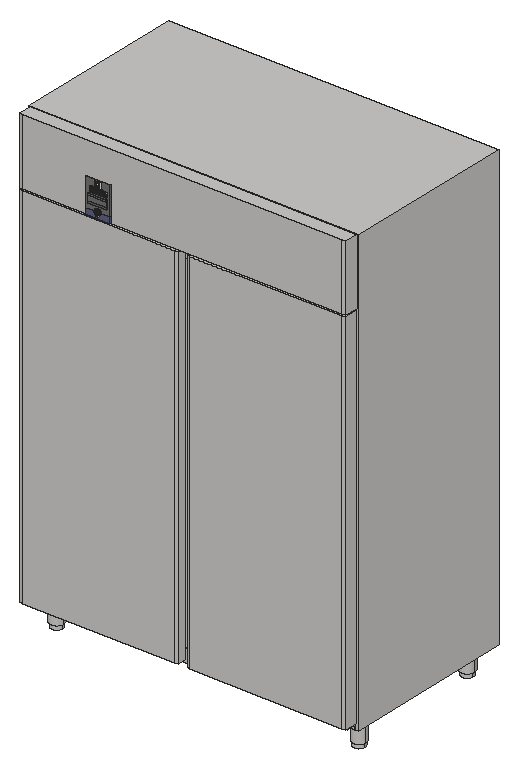
Revit family "QF_ELECTROLUXPROFESSIONAL_725244_REX142FRRCO2", category Specialty Equipment, Revit 2018
Family settings
  Round Connector Dimension = Use Diameter
  Part Type = Normal
  Work Plane-Based = No
  Always vertical = Yes
  Cut with Voids When Loaded = No
  Shared = No
  Room Calculation Point = No
Parameters (values of type "Standard")
  Weight = 165.00 kg
  Watts = 0 W
  Volts = 220 V
  URL Manufacturer = "http://professional.electrolux.com"
  URL = "http://professional.electrolux.com"
  Steam Supply Size = 0 mm
  Steam Supply Minimum Pressure = 0.0 Pa
  Steam Supply Maximum Pressure = 0.0 Pa
  Steam Pounds per Hour = 0
  Refrigeration Suction Line Size = 0.031 mm
  Refrigeration Liquid Line Size = 0.02 mm
  Refrigerant Compressor Remote = yes
  Manufacturer = "Electrolux Professional"
  Phase = 1
  Model = "REX142FRRCO2"
  Length Actual = 1441 mm  # constant formula
  Item Number = "725244"
  Hot Water Size = 0 mm
  Height Actual = 2050 mm  # constant formula
  HP = "0.2 HP"
  Gas Size = 0 mm
  Gas KW = 0
  Gas Input Pressure = 0 W
  Direct Waste Size = 0 mm
  Description = "2-DOOR REFRIG 1430L -2/+10°C, DIGIT, REM, CO2 W/VALVE"
  Depth Actual = 835 mm  # constant formula
  Cycle = 60 Hz
  Condensate Return Size = 0 mm
  Compressed Air Volume = 0.0 L/s
  Compressed Air Size = 0 mm
  Compressed Air Pressure = 0.0 Pa
  Cold Water Size = 0 mm
  Accessory = yes
Reference planes
  plane 1 "Center (Front/Back)": y = 0
  plane 2: z = 0
  plane 3 "Center (Left/Right)": x = 0
  plane 4 "BASE": z = 110
  plane 5 "TOP": z = 2050
  plane 6 "FRONT": y = -417.5
  plane 7 "BACK": y = 417.5
  plane 8 "LEFT": x = -720.5
  plane 9 "RIGHT": x = 720.5
  plane 10 "RO_Y": x = -245
  plane 11 "RO_X": y = -166.5
  plane 12 "RI_Y": x = -206
  plane 13 "RI_X": y = -187.5
  plane 14: z = 1802
Forms (mm)
  Extrusion 1, solid, material "QF_Finishes_Stainless Steel"
    sketch origin (0, 0, 0) x (1, 0, 0) y (0, 1, 0)
      loop
        circle (-643.5, 344.5) r 25
      loop
        circle (643.5, 344.5) r 25
      loop
        circle (-660.5, -269.5) r 25
      loop
        circle (660.5, -269.5) r 25
      loop
        circle (0, -121) r 25
    from 0 to 20
  Extrusion 2, solid, material "QF_Finishes_Stainless Steel"
    sketch origin (0, 0, 0) x (1, 0, 0) y (0, 1, 0)
      loop
        circle (-643.5, 344.5) r 30
      loop
        circle (643.5, 344.5) r 30
      loop
        circle (660.5, -269.5) r 30
      loop
        circle (-660.5, -269.5) r 30
      loop
        circle (0, -121) r 30
    from 20 to 110
  Extrusion 3, solid, material "QF_Finishes_Stainless Steel"
    sketch origin (0, 0, 110) x (-1, 0, 0) y (0, -1, 0)
      loop
        line (720.5, -417.5) -> (720.5, 345.5) -> (-720.5, 345.5) -> (-720.5, -417.5) -> (720.5, -417.5)
    from 0 to 1940
  Extrusion 4, solid
    sketch origin (0, 417.5, 1685) x (-1, 0, 0) y (0, 0, 1)
      loop
        circle (704.5, 124) r 10
    from 0 to 3.2
  Extrusion 5, solid, material "QF_Door-Drawer Clearances", detail levels coarse
    sketch origin (0, 0, 110) x (-1, 0, 0) y (0, -1, 0)
      loop
        line (-712.5, 409.5) -> (-648.5, 409.5) -> (-648.5, 1006.5) -> (-666.5, 1006.5) -> (-666.5, 1024.5) -> (-688.5, 1024.5) -> (-688.5, 1062.5) -> (-712.5, 1062.5) -> (-712.5, 409.5)
    from 1642.965 to 28
  Extrusion 6, solid, material "QF_Door-Drawer Clearances", detail levels coarse
    sketch origin (0, 0, 110) x (-1, 0, 0) y (0, -1, 0)
      loop
        line (-648.5, 409.5) -> (0, 409.5)
        arc (0, 409.5) -> (-211.9, 875.546) -> (-688.5, 1062.5) r 681.392
        line (-688.5, 1062.5) -> (-688.5, 1024.5) -> (-666.5, 1024.5) -> (-666.5, 1006.5) -> (-648.5, 1006.5) -> (-648.5, 409.5)
    from 1642.965 to 28
  Extrusion 7, solid, material "QF_Clearances", detail levels coarse
    sketch origin (0, 0, 110) x (-1, 0, 0) y (0, -1, 0)
      loop
        line (720.5, 417.5) -> (720.5, -417.5) -> (-720.5, -417.5) -> (-720.5, 417.5) -> (-740.5, 417.5) -> (-740.5, -447.5) -> (740.5, -447.5) -> (740.5, 417.5) -> (720.5, 417.5)
    from -110 to 1940
  Extrusion 8, solid, material "QF_Clearances", detail levels coarse
    sketch origin (0, 0, 2050) x (-1, 0, 0) y (0, -1, 0)
      loop
        line (740.5, -447.5) -> (740.5, 417.5) -> (-740.5, 417.5) -> (-740.5, -447.5) -> (740.5, -447.5)
    from 0 to 500
  Extrusion 9, void
    sketch origin (0, 417.5, 0) x (-1, 0, 0) y (0, 0, 1)
      loop
        line (645.5, 1724) -> (430, 1724) -> (430, 1695) -> (-430, 1695) -> (-430, 1724) -> (-645.5, 1724) -> (-645.5, 180) -> (-322.75, 170.906) -> (0, 180) -> (322.75, 170.906) -> (645.5, 180) -> (645.5, 1724)
    from -56 to -763
  Extrusion 10, solid, material "QF_Door-Drawer Clearances", detail levels coarse
    sketch origin (0, 0, 110) x (1, 0, 0) y (0, 1, 0)
      loop
        line (-712.5, -409.5) -> (-712.5, -1062.5) -> (-688.5, -1062.5) -> (-688.5, -1024.5) -> (-666.5, -1024.5) -> (-666.5, -1006.5) -> (-648.5, -1006.5) -> (-648.5, -409.5) -> (-712.5, -409.5)
    from 1642.965 to 28
  Extrusion 11, solid, material "QF_Door-Drawer Clearances", detail levels coarse
    sketch origin (0, 0, 110) x (1, 0, 0) y (0, 1, 0)
      loop
        line (-648.5, -409.5) -> (-648.5, -1006.5) -> (-666.5, -1006.5) -> (-666.5, -1024.5) -> (-688.5, -1024.5) -> (-688.5, -1062.5)
        arc (-688.5, -1062.5) -> (-211.9, -875.546) -> (0, -409.5) r 681.392
        line (0, -409.5) -> (-648.5, -409.5)
    from 1642.965 to 28
  Extrusion 12, solid, material "QF_Finishes_Stainless Steel"
    sketch origin (0, 417.5, 0) x (-1, 0, 0) y (0, 0, 1)
      loop
        line (40, 170.62) -> (40, 1695) -> (-40, 1695) -> (-40, 170.62) -> (0, 170) -> (40, 170.62)
    from -723 to -763
  Extrusion 13, solid, material "QF_Finishes_Stainless Steel"
    sketch origin (0, 0, 110) x (-1, 0, 0) y (0, -1, 0)
      loop
        circle (322.75, 254.5) r 7.938
      loop
        circle (-322.75, 254.5) r 7.938
    from 0 to -10
  Extrusion 14, solid, material "QF_Finishes_Stainless Steel"
    sketch origin (0, 0, 2050) x (-1, 0, 0) y (0, -1, 0)
      loop
        circle (245, 166.5) r 4.75
    from -29 to -137.696
  Extrusion 15, solid, material "QF_Finishes_Stainless Steel"
    sketch origin (0, 0, 0) x (0, 1, 0) y (0, 0, 1)
      loop
        circle (-187.5, 1855) r 3
    from -141.13 to -206
Cuts and joins
  joined: Extrusion 7, Extrusion 8
  Extrusion 9 cuts Extrusion 3
Lines and regions (mm)
  symbolic lines, style "SpecialityEquipmentHiddenLines"
    curve 1: line (712.5, -409.5, 110) -> (712.5, -1062.5, 110)
    curve 2: line (712.5, -1062.5, 110) -> (688.5, -1062.5, 110)
    curve 3: line (648.5, -409.5, 110) -> (648.5, -1006.5, 110)
    curve 4: line (688.5, -1062.5, 110) -> (688.5, -1024.5, 110)
    curve 5: line (688.5, -1024.5, 110) -> (666.5, -1024.5, 110)
    curve 6: line (666.5, -1024.5, 110) -> (666.5, -1006.5, 110)
    curve 7: line (666.5, -1006.5, 110) -> (648.5, -1006.5, 110)
    curve 13: arc (0, -409.5, 110) -> (211.9, -875.546, 110) -> (688.5, -1062.5, 110) r 681.392
    curve 14: line (-712.5, -1062.5, 110) -> (-688.5, -1062.5, 110)
    curve 15: line (-648.5, -409.5, 110) -> (-648.5, -1006.5, 110)
    curve 16: line (-688.5, -1062.5, 110) -> (-688.5, -1024.5, 110)
    curve 17: line (-688.5, -1024.5, 110) -> (-666.5, -1024.5, 110)
    curve 18: line (-666.5, -1024.5, 110) -> (-666.5, -1006.5, 110)
    curve 19: line (-666.5, -1006.5, 110) -> (-648.5, -1006.5, 110)
    curve 20: arc (0, -409.5, 110) -> (-211.9, -875.546, 110) -> (-688.5, -1062.5, 110) r 681.392
    curve 21: line (-712.5, -409.5, 110) -> (-712.5, -1062.5, 110)
  symbolic lines, style "QF_Clearances", detail levels coarse
    curve 8: line (-720.5, -417.5, 2050) -> (-740.5, -417.5, 2050)
    curve 9: line (-740.5, -417.5, 2050) -> (-740.5, 447.5, 2050)
    curve 10: line (-740.5, 447.5, 2050) -> (740.5, 447.5, 2050)
    curve 11: line (740.5, 447.5, 2050) -> (740.5, -417.5, 2050)
    curve 12: line (740.5, -417.5, 2050) -> (720.5, -417.5, 2050)
  symbolic lines
    curve 22: line (720.5, 417.5, 110) -> (-720.5, 417.5, 110)
    curve 23: line (720.5, -345.5, 110) -> (720.5, 417.5, 110)
    curve 24: line (-720.5, -345.5, 110) -> (720.5, -345.5, 110)
    curve 25: line (-720.5, 417.5, 110) -> (-720.5, -345.5, 110)
Dimensions and locks
  equal spacing: plane 7 "BACK", plane 1 "Center (Front/Back)", plane 6 "FRONT"
  equal spacing: plane 8 "LEFT", plane 3 "Center (Left/Right)", plane 9 "RIGHT"
  plane 8 "LEFT" to plane 9 "RIGHT" = 1441 mm
  plane 7 "BACK" to plane 6 "FRONT" = 835 mm
  plane 5 "TOP" to plane 2 = 2050 mm
  plane 8 "LEFT" to plane 10 "RO_Y" = 475.5 mm
  plane 7 "BACK" to plane 11 "RO_X" = 584 mm
  plane 7 "BACK" to plane 13 "RI_X" = 605 mm
  plane 5 "TOP" to plane 14 = 248 mm
  Extrusion 14 to plane 14 = 219 mm
  Extrusion 15 to plane 14 = 53 mm
  aligned and locked: level to plane 2
Automatic sketch dimensions
  curve 12 to plane 6 "FRONT" = 0 mm
  curve 12 to plane 9 "RIGHT" = 0 mm
  curve 8 to plane 6 "FRONT" = 0 mm
  curve 8 to plane 8 "LEFT" = 0 mm
  curve 10 to plane 9 "RIGHT" = 20 mm
  curve 8 to curve 9 = 20 mm
  plane 7 "BACK" to curve 10 = 30 mm
  Extrusion 1 sketch curve to plane 3 "Center (Left/Right)" = 0 mm
  plane 8 "LEFT" to Extrusion 1 sketch curve = 77 mm
  plane 8 "LEFT" to Extrusion 1 sketch curve = 60 mm
  plane 9 "RIGHT" to Extrusion 1 sketch curve = 77 mm
  plane 9 "RIGHT" to Extrusion 1 sketch curve = 60 mm
  plane 6 "FRONT" to Extrusion 1 sketch curve = 148 mm  (x2)
  plane 1 "Center (Front/Back)" to Extrusion 1 sketch curve = 121 mm
  Extrusion 1 sketch curve to plane 7 "BACK" = 73 mm  (x2)
  Extrusion 2 sketch curve to plane 3 "Center (Left/Right)" = 0 mm
  plane 8 "LEFT" to Extrusion 2 sketch curve = 77 mm
  plane 8 "LEFT" to Extrusion 2 sketch curve = 60 mm
  plane 9 "RIGHT" to Extrusion 2 sketch curve = 77 mm
  plane 9 "RIGHT" to Extrusion 2 sketch curve = 60 mm
  plane 6 "FRONT" to Extrusion 2 sketch curve = 148 mm  (x2)
  plane 1 "Center (Front/Back)" to Extrusion 2 sketch curve = 121 mm
  Extrusion 2 sketch curve to plane 7 "BACK" = 73 mm  (x2)
  Extrusion 3 sketch curve to plane 7 "BACK" = 0 mm
  Extrusion 3 sketch curve to plane 9 "RIGHT" = 0 mm
  Extrusion 3 sketch curve to plane 8 "LEFT" = 0 mm
  plane 6 "FRONT" to Extrusion 3 sketch curve = 72 mm
  plane 8 "LEFT" to Extrusion 4 sketch curve = 16 mm
  Extrusion 4 sketch curve to plane 5 "TOP" = 241 mm
  plane 9 "RIGHT" to Extrusion 5 sketch curve = 8 mm
  plane 9 "RIGHT" to Extrusion 5 sketch curve = 32 mm
  Extrusion 5 sketch curve to Extrusion 5 sketch curve = 22 mm
  plane 6 "FRONT" to Extrusion 5 sketch curve = 8 mm
  Extrusion 5 sketch curve to Extrusion 5 sketch curve = 64 mm
  Extrusion 5 sketch curve to plane 6 "FRONT" = 589 mm
  Extrusion 5 sketch curve to Extrusion 5 sketch curve = 18 mm
  Extrusion 5 sketch curve to Extrusion 5 sketch curve = 38 mm
  Extrusion 6 sketch curve to plane 3 "Center (Left/Right)" = 0 mm
  plane 9 "RIGHT" to Extrusion 6 sketch curve = 72 mm
  Extrusion 6 sketch curve to Extrusion 6 sketch curve = 18 mm  (x2)
  plane 9 "RIGHT" to Extrusion 6 sketch curve = 39.698 mm
  Extrusion 6 sketch curve to Extrusion 6 sketch curve = 22 mm
  plane 6 "FRONT" to Extrusion 6 sketch curve = 36.349 mm
  plane 6 "FRONT" to Extrusion 6 sketch curve = 8 mm
  Extrusion 6 sketch curve to Extrusion 6 sketch curve = 56 mm
  Extrusion 7 sketch curve to plane 6 "FRONT" = 0 mm  (x2)
  Extrusion 7 sketch curve to plane 7 "BACK" = 0 mm
  Extrusion 7 sketch curve to plane 9 "RIGHT" = 0 mm
  Extrusion 7 sketch curve to plane 8 "LEFT" = 0 mm
  Extrusion 7 sketch curve to plane 9 "RIGHT" = 20 mm
  Extrusion 7 sketch curve to Extrusion 7 sketch curve = 20 mm
  plane 7 "BACK" to Extrusion 7 sketch curve = 30 mm
  Extrusion 8 sketch curve to plane 6 "FRONT" = 0 mm
  Extrusion 8 sketch curve to plane 9 "RIGHT" = 20 mm
  Extrusion 8 sketch curve to plane 8 "LEFT" = 20 mm
  plane 7 "BACK" to Extrusion 8 sketch curve = 30 mm
  Extrusion 10 sketch curve to plane 8 "LEFT" = 8 mm
  Extrusion 10 sketch curve to plane 8 "LEFT" = 32 mm
  Extrusion 10 sketch curve to Extrusion 10 sketch curve = 22 mm
  Extrusion 10 sketch curve to plane 6 "FRONT" = 8 mm
  Extrusion 10 sketch curve to Extrusion 10 sketch curve = 64 mm
  plane 6 "FRONT" to Extrusion 10 sketch curve = 589 mm
  Extrusion 10 sketch curve to Extrusion 10 sketch curve = 18 mm
  Extrusion 10 sketch curve to Extrusion 10 sketch curve = 38 mm
  Extrusion 11 sketch curve to plane 3 "Center (Left/Right)" = 0 mm
  Extrusion 11 sketch curve to plane 8 "LEFT" = 72 mm
  Extrusion 11 sketch curve to Extrusion 11 sketch curve = 18 mm  (x2)
  Extrusion 11 sketch curve to plane 8 "LEFT" = 39.698 mm
  Extrusion 11 sketch curve to Extrusion 11 sketch curve = 22 mm
  Extrusion 11 sketch curve to plane 6 "FRONT" = 36.349 mm
  Extrusion 11 sketch curve to plane 6 "FRONT" = 8 mm
  Extrusion 11 sketch curve to Extrusion 11 sketch curve = 56 mm
  Extrusion 12 sketch curve to plane 3 "Center (Left/Right)" = 0 mm
  plane 3 "Center (Left/Right)" to Extrusion 12 sketch curve = 40 mm
  Extrusion 12 sketch curve to plane 3 "Center (Left/Right)" = 40 mm
  plane 4 "BASE" to Extrusion 12 sketch curve = 60 mm
  Extrusion 12 sketch curve to Extrusion 12 sketch curve = 0.62 mm  (x2)
  Extrusion 12 sketch curve to Extrusion 12 sketch curve = 1524.38 mm
  Extrusion 9 sketch curve to plane 3 "Center (Left/Right)" = 0 mm
  plane 4 "BASE" to Extrusion 9 sketch curve = 60.906 mm  (x2)
  plane 3 "Center (Left/Right)" to Extrusion 9 sketch curve = 322.75 mm
  plane 9 "RIGHT" to Extrusion 9 sketch curve = 290.5 mm
  plane 9 "RIGHT" to Extrusion 9 sketch curve = 75 mm
  Extrusion 9 sketch curve to plane 3 "Center (Left/Right)" = 322.75 mm
  plane 8 "LEFT" to Extrusion 9 sketch curve = 290.5 mm
  plane 8 "LEFT" to Extrusion 9 sketch curve = 75 mm
  plane 4 "BASE" to Extrusion 9 sketch curve = 70 mm  (x3)
  Extrusion 9 sketch curve to plane 5 "TOP" = 355 mm
  Extrusion 9 sketch curve to Extrusion 9 sketch curve = 29 mm  (x2)
  plane 3 "Center (Left/Right)" to Extrusion 13 sketch curve = 322.75 mm
  Extrusion 13 sketch curve to plane 3 "Center (Left/Right)" = 322.75 mm
  plane 6 "FRONT" to Extrusion 13 sketch curve = 163 mm  (x2)
  Extrusion 14 sketch curve to plane 10 "RO_Y" = 0 mm
  Extrusion 14 sketch curve to plane 11 "RO_X" = 0 mm
  Extrusion 15 sketch curve to plane 13 "RI_X" = 0 mm
  plane 14 to Extrusion 15 sketch curve = 53 mm
  curve 24 to plane 9 "RIGHT" = 0 mm
  curve 13 to plane 3 "Center (Left/Right)" = 0 mm
  curve 24 to plane 8 "LEFT" = 0 mm
  curve 25 to plane 7 "BACK" = 0 mm
  plane 9 "RIGHT" to curve 1 = 8 mm
  plane 9 "RIGHT" to curve 4 = 32 mm
  plane 9 "RIGHT" to curve 13 = 39.698 mm
  curve 4 to curve 6 = 22 mm
  curve 6 to curve 7 = 18 mm
  plane 8 "LEFT" to curve 15 = 72 mm
  curve 15 to curve 18 = 18 mm
  plane 8 "LEFT" to curve 20 = 39.698 mm
  plane 8 "LEFT" to curve 14 = 32 mm
  plane 8 "LEFT" to curve 21 = 8 mm
  plane 6 "FRONT" to curve 24 = 72 mm
  plane 6 "FRONT" to curve 20 = 36.349 mm
  plane 6 "FRONT" to curve 13 = 36.349 mm
  curve 6 to plane 6 "FRONT" = 589 mm
  curve 19 to plane 6 "FRONT" = 589 mm
  curve 18 to curve 17 = 18 mm
  curve 6 to curve 4 = 18 mm
  curve 16 to curve 21 = 38 mm
  plane 6 "FRONT" to curve 1 = 8 mm
  plane 6 "FRONT" to curve 15 = 8 mm
  plane 6 "FRONT" to curve 21 = 8 mm
  plane 6 "FRONT" to curve 3 = 8 mm
  radius of Extrusion 1 sketch curve = 25 mm  (x5)
  radius of Extrusion 2 sketch curve = 30 mm  (x5)
  radius of Extrusion 4 sketch curve = 10 mm
  radius of Extrusion 13 sketch curve = 7.938 mm  (x2)
  radius of Extrusion 14 sketch curve = 4.75 mm
  radius of Extrusion 15 sketch curve = 3 mm
Nested families
  nested 1: "QF_725244_Door" at (0, -345.5, 968.365) x (1, 0, 0) z (0, -1, 0), type "QF_725244_Door"
    with Show Clearance yes
  nested 2: "Refrigerator" at (720.5, -417.5, 110), type "Refrigerator"
Connectors
  electrical at (-704.5, 420.7, 1809), driven by "Volts"
    settings: on Extrusion 4, index 2, voltage 220 V, apparent load 0 VA, apparent load phase1 0 VA, apparent load phase2 0 VA, apparent load phase3 0 VA, power factor 1, load classification "Other", number of poles 1, system type 30, power factor state 1, is connector primary yes, connector utility no, sub classification motor no, connector description "Electrical Connection"
  piping at (322.75, -254.5, 100), diameter 15.875
    settings: on Extrusion 13, index 3, connector inside diameter 609.6 mm, connector length 0 mm, flow factor 0, pipe flow 0.0 L/s, pressure drop 0.0 Pa, fitting loss kfactor 0, connector angle 0.00°, fixture units 0, engagement length 0 mm, angle of deflection 0.00°, flow configuration 1, flow direction 2, fitting loss method 0, system type 16, joint type 0, gender type 0, connector reference index -1, connector utility 0, adjustable connector no, is connector primary yes, connector description "Drain"
  piping at (-322.75, -254.5, 100), diameter 15.875
    settings: on Extrusion 13, index 4, connector inside diameter 609.6 mm, connector length 0 mm, flow factor 0, pipe flow 0.0 L/s, pressure drop 0.0 Pa, fitting loss kfactor 0, connector angle 0.00°, fixture units 0, engagement length 0 mm, angle of deflection 0.00°, flow configuration 1, flow direction 2, fitting loss method 0, system type 16, joint type 0, gender type 0, connector reference index -1, connector utility 0, adjustable connector no, is connector primary no, connector description "Drain"
  piping at (-245, -166.5, 2021), diameter 9.5
    settings: on Extrusion 14, index 5, connector inside diameter 609.6 mm, connector length 0 mm, flow factor 0, pipe flow 0.0 L/s, pressure drop 0.0 Pa, fitting loss kfactor 0, connector angle 0.00°, fixture units 0, engagement length 0 mm, angle of deflection 0.00°, flow configuration 1, flow direction 2, fitting loss method 0, system type 8, joint type 0, gender type 0, connector reference index -1, connector utility 0, adjustable connector no, is connector primary no, connector description "Refrigerant Outlet"
  piping at (-206, -187.5, 1855), diameter 6
    settings: on Extrusion 15, index 6, connector inside diameter 609.6 mm, connector length 0 mm, flow factor 0, pipe flow 0.0 L/s, pressure drop 0.0 Pa, fitting loss kfactor 0, connector angle 0.00°, fixture units 0, engagement length 0 mm, angle of deflection 0.00°, flow configuration 1, flow direction 1, fitting loss method 0, system type 7, joint type 0, gender type 0, connector reference index -1, connector utility 0, adjustable connector no, is connector primary no, connector description "Refrigerant Inlet"
Definition of nested family "QF_725244_Door"
  Parameters
    Show Clearance [instance] = yes
    Model = "725228"
    Default Elevation = 0 mm
  Reference planes
    plane 1 "Center (Front/Back)": y = 0
    plane 2: z = 0
    plane 3 "Center (Left/Right)": x = 0
    plane 4 "panel": z = 64
  Forms (mm)
    Extrusion 1, solid
      sketch origin (0, -919.2, 0) x (1, 0, 0) y (0, 1, 0)
        loop
          line (-980.5, 2119.2) -> (-980.5, -162.846) -> (881.94, -162.846) -> (881.94, 2119.2) -> (-980.5, 2119.2)
      from 0 to -59.546
    Extrusion 2, solid
      sketch origin (365.5, 0, 0) x (1, 0, 0) y (0, 0, 1)
        loop
          line (-347, 26) -> (-325, 26) -> (-325, 8) -> (-307, 8) -> (-307, 0) -> (339, 0) -> (339, 8) -> (347, 8) -> (347, 60) -> (332, 64) -> (-332, 64) -> (-347, 60) -> (-347, 26)
      from -784.6 to 830.4
    Extrusion 3, solid
      sketch origin (484.5, -516.365, 0) x (0, 1, 0) y (0, 0, 1)
        loop
          line (-323.003, 40.312) -> (-316.501, 40.312) -> (-316.501, 42.812) -> (-325.503, 42.812) -> (-325.503, 2.5) -> (-342, 2.5) -> (-342, 0) -> (-323.003, 0) -> (-323.003, 12.259) -> (-323.003, 40.312)
        loop
          line (-314, 38.311) -> (-316.501, 38.311) -> (-316.501, 14.304) -> (-319.752, 14.304) -> (-319.752, 11.804) -> (-314, 11.804) -> (-314, 38.311)
      from 185 to 220
    Extrusion 4, solid
      sketch origin (484.5, 469.597, 0) x (0, 1, 0) y (0, 0, 1)
        loop
          line (315.003, 27.948) -> (315.003, 2.948) -> (315.003, 0) -> (322.003, 0) -> (322.003, 2.5) -> (317.503, 2.5) -> (317.503, 27.948) -> (315.003, 27.948)
      from 185 to 220
    Extrusion 5, solid
      sketch origin (-365.5, 0, 0) x (-1, 0, 0) y (0, 0, -1)
        loop
          line (-1078, -60) -> (-1063, -64) -> (332, -64) -> (347, -60) -> (347, 0) -> (-1078, 0) -> (-1078, -60)
      from -1081.6 to -791.6
    Extrusion 6, solid
      sketch origin (-365.5, 0, 0) x (-1, 0, 0) y (0, 0, -1)
        loop
          line (-347, -26) -> (-347, -60) -> (-332, -64) -> (332, -64) -> (347, -60) -> (347, -8) -> (339, -8) -> (339, 0) -> (-307, 0) -> (-307, -8) -> (-325, -8) -> (-325, -26) -> (-347, -26)
      from -784.6 to 830.4
    Extrusion 7, solid
      sketch origin (-484.5, -516.365, 0) x (0, 1, 0) y (0, 0, -1)
        loop
          line (-323.003, -40.312) -> (-323.003, -12.259) -> (-323.003, 0) -> (-342, 0) -> (-342, -2.5) -> (-325.503, -2.5) -> (-325.503, -42.812) -> (-316.501, -42.812) -> (-316.501, -40.312) -> (-323.003, -40.312)
        loop
          line (-314, -38.311) -> (-314, -11.804) -> (-319.752, -11.804) -> (-319.752, -14.304) -> (-316.501, -14.304) -> (-316.501, -38.311) -> (-314, -38.311)
      from 185 to 220
    Extrusion 8, solid
      sketch origin (-484.5, 469.597, 0) x (0, 1, 0) y (0, 0, -1)
        loop
          line (315.003, -27.948) -> (317.503, -27.948) -> (317.503, -2.5) -> (322.003, -2.5) -> (322.003, 0) -> (315.003, 0) -> (315.003, -2.948) -> (315.003, -27.948)
      from 185 to 220
  Lines and regions (mm)
    symbolic lines
      curve 1: line (-697.5, 0, 64) -> (697.5, 0, 64)
      curve 2: line (712.5, 0, 0) -> (-712.5, 0, 0)
      curve 3: line (712.5, 0, 60) -> (712.5, 0, 0)
      curve 4: line (704.5, 0, 8) -> (712.5, 0, 8)
      curve 5: line (704.5, 0, 8) -> (704.5, 0, 0)
      curve 6: line (-376.111, 0, 72) -> (-356.111, 0, 72)
      curve 7: line (-376.111, 0, 66) -> (-376.111, 0, 72)
      curve 8: line (-356.111, 0, 72) -> (-356.111, 0, 66)
      curve 9: line (-380.111, 0, 66) -> (-352.111, 0, 66)
      curve 10: line (-380.111, 0, 64) -> (-380.111, 0, 66)
      curve 11: line (-352.111, 0, 66) -> (-352.111, 0, 64)
      curve 12: line (-712.5, 0, 60) -> (-712.5, 0, 0)
      curve 13: line (-704.5, 0, 8) -> (-712.5, 0, 8)
      curve 14: line (-704.5, 0, 8) -> (-704.5, 0, 0)
      curve 15: line (-697.5, 0, 64) -> (-712.5, 0, 60)
      curve 16: line (712.5, 0, 60) -> (697.5, 0, 64)
  Dimensions and locks
    aligned and locked: plane 2 to Extrusion 1
    aligned and locked: level to Extrusion 1
  Nested families
    nested 1: "QF_DisplayStandardCabinets" at (-365.5, 863.6, 64), type "QF_DisplayStandardCabinets"
      with Show Clearance yes
  Definition of nested family "QF_DisplayStandardCabinets"
    Parameters
      Show Clearance [instance] = yes
      Model = "728658"
      Default Elevation = 1219.2 mm
    Reference planes
      plane 1 "Center (Front/Back)": y = 0
      plane 2: z = 0
      plane 3 "Center (Left/Right)": x = 0
    Forms (mm)
      Extrusion 1, solid
        sketch origin (0, -919.2, 0) x (1, 0, 0) y (0, 1, 0)
          loop
            line (-198.75, 1146.2) -> (-198.75, 709.567) -> (165.741, 709.567) -> (165.741, 1146.2) -> (-198.75, 1146.2)
        from 0 to -59.546
      Extrusion 2, solid
        sketch origin (-59, -44.611, 0) x (0, 1, 0) y (-1, 0, 0)
          loop
            circle (0.611, -59) r 14
        from 4 to 7
      Extrusion 3, solid
        sketch origin (744.635, 320.889, 0) x (0, 1, 0) y (-1, 0, 0)
          loop
            circle (-364.889, 744.635) r 10
          loop
            circle (-364.889, 744.635) r 9
        from 4 to 8
      Extrusion 4, solid
        sketch origin (744.635, 320.889, 0) x (0, 1, 0) y (-1, 0, 0)
          loop
            circle (-364.889, 744.635) r 8.7
        from 4 to 8
      Extrusion 5, void
        sketch origin (744.635, 320.889, 0) x (0, 1, 0) y (-1, 0, 0)
          loop
            line (-372.339, 745.885) -> (-372.339, 743.385) -> (-362.339, 743.385) -> (-362.339, 745.885) -> (-372.339, 745.885)
        from 8.592 to 6.269
      Extrusion 6, solid
        sketch origin (744.635, 320.889, 0) x (0, 1, 0) y (-1, 0, 0)
          loop
            line (-372.339, 745.885) -> (-372.339, 743.385) -> (-362.339, 743.385) -> (-362.339, 745.885) -> (-372.339, 745.885)
        from 6 to 8
      Extrusion 7, solid
        sketch origin (0, 0, 0) x (1, 0, 0) y (0, 1, 0)
          loop
            line (-51.473, 80) -> (-51.473, -44) -> (-14, -44)
            arc (-14, -44) -> (0, -30) -> (14, -44) r 14
            line (14, -44) -> (50.954, -44) -> (50.954, 80) -> (-51.473, 80)
        from 0 to 4
      Extrusion 8, solid
        sketch origin (0, -30, 0) x (0, 1, 0) y (0, 0, 1)
          loop
            line (10.404, 4) -> (17.404, 4) -> (17.404, 8)
            arc (17.404, 8) -> (13.868, 7.749) -> (10.404, 7) r 25
            line (10.404, 7) -> (10.404, 4)
          loop
            arc (47.404, 7) -> (43.939, 7.749) -> (40.404, 8) r 25
            line (40.404, 8) -> (40.404, 4) -> (47.404, 4) -> (47.404, 7)
        from 40 to -40
      Extrusion 9, solid
        sketch origin (0, -30, 0) x (1, 0, 0) y (0, 1, 0)
          loop
            line (-40, 40.404) -> (-40, 17.404) -> (40, 17.404) -> (40, 40.404) -> (-40, 40.404)
        from 8 to 4
      Extrusion 10, solid
        sketch origin (46.005, 87.683, 0) x (1, 0, 0) y (0, 1, 0)
          loop
            line (-43.063, -13.359) -> (-43.063, -33.154)
            arc (-43.063, -33.154) -> (-35.746, -23.257) -> (-43.063, -13.359) r 10.352
          loop
            arc (-44.07, -13.359) -> (-52.302, -15.23) -> (-56.268, -22.683) r 10.145
            line (-56.268, -22.683) -> (-52.994, -22.683)
            arc (-52.994, -22.683) -> (-47.143, -20.308) -> (-44.07, -14.793) r 9.509
            line (-44.07, -14.793) -> (-44.07, -13.359)
          loop
            arc (-44.07, -31.721) -> (-47.143, -26.205) -> (-52.994, -23.831) r 9.509
            line (-52.994, -23.831) -> (-56.268, -23.831)
            arc (-56.268, -23.831) -> (-52.309, -31.345) -> (-44.07, -33.408) r 10.411
            line (-44.07, -33.408) -> (-44.07, -31.721)
          loop
            line (-57.02, -12.279) -> (-57.02, -34.279) -> (-34.99, -34.279) -> (-34.99, -12.279) -> (-57.02, -12.279)
        from 4 to 5.6
      Extrusion 11, solid
        sketch origin (-12.866, 61.032, 0) x (1, 0, 0) y (0, 1, 0)
          loop
            line (-15.272, -12.492) -> (-22.708, -12.492) -> (-22.708, -21.151)
            arc (-22.708, -21.151) -> (-21.729, -23.514) -> (-19.367, -24.492) r 3.341
            line (-19.367, -24.492) -> (-15.128, -24.492) -> (-15.128, -22.55) -> (-18.883, -22.55)
            arc (-18.883, -22.55) -> (-20.117, -22.133) -> (-20.642, -20.941) r 1.615
            line (-20.642, -20.941) -> (-20.642, -19.224) -> (-15.593, -19.224) -> (-15.593, -17.274) -> (-20.642, -17.274) -> (-20.642, -14.436) -> (-15.272, -14.436) -> (-15.272, -12.492)
          loop
            line (-13.66, -12.492) -> (-13.66, -24.492) -> (-11.593, -24.492) -> (-11.593, -12.492) -> (-13.66, -12.492)
          loop
            line (31.232, -12.492) -> (31.232, -24.492) -> (33.3, -24.492) -> (33.3, -12.492) -> (31.232, -12.492)
          loop
            line (-8.175, -20.66) -> (-1.392, -20.66)
            arc (-1.392, -20.66) -> (-2.453, -16.934) -> (-6.081, -15.575) r 4.298
            arc (-6.081, -15.575) -> (-9.277, -17.196) -> (-10.188, -20.66) r 4.373
            arc (-10.188, -20.66) -> (-8.988, -23.558) -> (-6.091, -24.758) r 4.097
            arc (-6.091, -24.758) -> (-3.837, -24.425) -> (-1.946, -23.152) r 5.15
            line (-1.946, -23.152) -> (-3.171, -21.928)
            arc (-3.171, -21.928) -> (-4.778, -22.892) -> (-6.645, -22.73) r 3.039
            arc (-6.645, -22.73) -> (-7.784, -21.972) -> (-8.175, -20.66) r 2.013
          loop
            line (-8.123, -19.207) -> (-3.469, -19.207)
            arc (-3.469, -19.207) -> (-4.122, -17.833) -> (-5.557, -17.326) r 1.983
            arc (-5.557, -17.326) -> (-7.213, -17.758) -> (-8.123, -19.207) r 2.321
          loop
            line (6.665, -18.342) -> (7.963, -17.044)
            arc (7.963, -17.044) -> (6.336, -15.866) -> (4.358, -15.514) r 4.497
            arc (4.358, -15.514) -> (1.341, -16.616) -> (-0.242, -19.411) r 4.652
            arc (-0.242, -19.411) -> (2.426, -24.31) -> (7.89, -23.18) r 4.684
            line (7.89, -23.18) -> (6.599, -21.89)
            arc (6.599, -21.89) -> (3.813, -22.811) -> (1.817, -20.66) r 2.714
            arc (1.817, -20.66) -> (1.956, -18.959) -> (3.127, -17.718) r 2.578
            arc (3.127, -17.718) -> (5.002, -17.432) -> (6.665, -18.342) r 2.961
          loop
            line (9.233, -12.492) -> (9.233, -20.693)
            arc (9.233, -20.693) -> (9.411, -21.923) -> (9.872, -23.078) r 5.301
            arc (9.872, -23.078) -> (11.347, -24.251) -> (13.216, -24.498) r 3.531
            line (13.216, -24.498) -> (13.216, -22.561)
            arc (13.216, -22.561) -> (12.66, -22.519) -> (12.142, -22.313) r 1.862
            arc (12.142, -22.313) -> (11.478, -21.611) -> (11.3, -20.66) r 1.713
            line (11.3, -20.66) -> (11.3, -17.691) -> (13.177, -17.691) -> (13.177, -15.813) -> (11.3, -15.813) -> (11.3, -12.492) -> (9.233, -12.492)
          loop
            arc (16.966, -19.93) -> (17.114, -19.065) -> (17.54, -18.298) r 2.607
            arc (17.54, -18.298) -> (18.779, -17.662) -> (20.17, -17.691) r 2.84
            line (20.17, -17.691) -> (20.17, -15.704)
            arc (20.17, -15.704) -> (18.352, -15.876) -> (16.966, -17.064) r 3.016
            line (16.966, -17.064) -> (16.966, -15.813) -> (14.916, -15.813) -> (14.916, -24.492) -> (16.966, -24.492) -> (16.966, -19.93)
          loop
            circle (25.224, -20.154) r 4.599
          loop
            circle (25.224, -20.154) r 2.787
          loop
            arc (40.755, -20.878) -> (40.245, -22.281) -> (38.861, -22.84) r 1.835
            arc (38.861, -22.84) -> (37.476, -22.281) -> (36.966, -20.878) r 1.835
            line (36.966, -20.878) -> (36.966, -15.813) -> (34.881, -15.813) -> (34.881, -21.05)
            arc (34.881, -21.05) -> (36.067, -23.754) -> (38.861, -24.712) r 3.675
            arc (38.861, -24.712) -> (41.685, -23.725) -> (42.839, -20.965) r 3.675
            line (42.839, -20.965) -> (42.839, -15.813) -> (40.755, -15.813) -> (40.755, -20.878)
          loop
            line (44.088, -15.813) -> (47.09, -19.889) -> (43.792, -24.495) -> (46.014, -24.495) -> (48.203, -21.438) -> (50.424, -24.495) -> (52.632, -24.495) -> (49.381, -19.842) -> (52.354, -15.813) -> (50.097, -15.813) -> (48.196, -18.39) -> (46.324, -15.813) -> (44.088, -15.813)
          loop
            line (-21.545, -29.467) -> (-23.194, -29.467) -> (-23.194, -33.617) -> (-22.292, -33.617) -> (-22.292, -32.188) -> (-21.295, -32.188)
            arc (-21.295, -32.188) -> (-20.179, -30.713) -> (-21.545, -29.467) r 1.372
          loop
            arc (-21.334, -31.373) -> (-20.993, -30.839) -> (-21.334, -30.306) r 0.587
            line (-21.334, -30.306) -> (-22.292, -30.306) -> (-22.292, -31.373) -> (-21.334, -31.373)
          loop
            line (-15.033, -29.467) -> (-16.71, -29.467) -> (-16.71, -33.617) -> (-15.808, -33.617) -> (-15.808, -32.188) -> (-14.935, -32.188) -> (-14.339, -33.617) -> (-13.37, -33.617) -> (-14.186, -31.867)
            arc (-14.186, -31.867) -> (-13.795, -31.4) -> (-13.664, -30.805) r 1.281
            arc (-13.664, -30.805) -> (-14.076, -29.857) -> (-15.033, -29.467) r 1.37
          loop
            line (-15.808, -30.306) -> (-15.808, -31.373) -> (-14.85, -31.373)
            arc (-14.85, -31.373) -> (-14.509, -30.839) -> (-14.85, -30.306) r 0.587
            line (-14.85, -30.306) -> (-15.808, -30.306)
          loop
            circle (-8.072, -31.542) r 2.156
          loop
            circle (-8.072, -31.542) r 1.368
          loop
            line (-2.373, -29.467) -> (-2.373, -33.617) -> (-1.493, -33.617) -> (-1.493, -32.167) -> (0.069, -32.167) -> (0.069, -31.237) -> (-1.493, -31.237) -> (-1.493, -30.361) -> (0.219, -30.361) -> (0.219, -29.467) -> (-2.373, -29.467)
          loop
            line (3.719, -29.467) -> (3.719, -32.269)
            arc (3.719, -32.269) -> (4.101, -33.219) -> (5.046, -33.614) r 1.327
            line (5.046, -33.614) -> (6.385, -33.614) -> (6.385, -32.83) -> (5.126, -32.83)
            arc (5.126, -32.83) -> (4.662, -32.447) -> (4.571, -31.852) r 0.845
            line (4.571, -31.852) -> (6.23, -31.852) -> (6.23, -31.068) -> (4.571, -31.068) -> (4.571, -30.251) -> (6.345, -30.251) -> (6.345, -29.467) -> (3.719, -29.467)
          loop
            arc (18.747, -29.993) -> (18.197, -29.542) -> (17.501, -29.398) r 1.485
            arc (17.501, -29.398) -> (16.858, -29.556) -> (16.329, -29.955) r 1.645
            arc (16.329, -29.955) -> (16.232, -30.897) -> (16.84, -31.624) r 1.217
            arc (16.84, -31.624) -> (17.351, -31.794) -> (17.836, -32.029) r 4.201
            arc (17.836, -32.029) -> (18.142, -32.39) -> (17.931, -32.814) r 0.43
            arc (17.931, -32.814) -> (17.539, -32.906) -> (17.149, -32.807) r 0.846
            arc (17.149, -32.807) -> (16.811, -32.564) -> (16.605, -32.203) r 0.983
            line (16.605, -32.203) -> (15.879, -32.542)
            arc (15.879, -32.542) -> (16.14, -33.046) -> (16.562, -33.427) r 1.595
            arc (16.562, -33.427) -> (17.04, -33.631) -> (17.557, -33.683) r 1.719
            arc (17.557, -33.683) -> (18.196, -33.556) -> (18.772, -33.25) r 2.246
            arc (18.772, -33.25) -> (19.027, -32.573) -> (18.896, -31.863) r 1.349
            arc (18.896, -31.863) -> (18.612, -31.535) -> (18.249, -31.298) r 1.564
            arc (18.249, -31.298) -> (17.79, -31.093) -> (17.32, -30.917) r 8.236
            arc (17.32, -30.917) -> (17.048, -30.494) -> (17.441, -30.181) r 0.375
            arc (17.441, -30.181) -> (17.911, -30.294) -> (18.273, -30.616) r 0.998
            line (18.273, -30.616) -> (18.747, -29.993)
          loop
            line (22.554, -29.467) -> (22.554, -33.614) -> (23.407, -33.614) -> (23.407, -29.467) -> (22.554, -29.467)
          loop
            circle (29.157, -31.541) r 1.29
          loop
            circle (29.157, -31.541) r 2.154
          loop
            line (34.878, -33.614) -> (35.739, -33.614) -> (35.739, -31.007) -> (37.636, -33.614) -> (38.465, -33.614) -> (38.465, -29.467) -> (37.604, -29.467) -> (37.604, -32.154) -> (35.707, -29.467) -> (34.878, -29.467) -> (34.878, -33.614)
          loop
            line (42.765, -33.614) -> (43.169, -32.72) -> (44.703, -32.72) -> (45.106, -33.614) -> (46.023, -33.614) -> (44.271, -29.467) -> (43.471, -29.467) -> (41.849, -33.614) -> (42.765, -33.614)
          loop
            line (44.32, -31.869) -> (43.909, -30.958) -> (43.51, -31.869) -> (44.32, -31.869)
          loop
            line (50.258, -32.83) -> (50.258, -29.467) -> (49.406, -29.467) -> (49.406, -33.614) -> (51.853, -33.614) -> (51.853, -32.83) -> (50.258, -32.83)
          loop
            arc (12.529, -29.993) -> (11.98, -29.542) -> (11.284, -29.398) r 1.485
            arc (11.284, -29.398) -> (10.641, -29.556) -> (10.112, -29.955) r 1.645
            arc (10.112, -29.955) -> (10.014, -30.897) -> (10.622, -31.624) r 1.217
            arc (10.622, -31.624) -> (11.133, -31.794) -> (11.618, -32.029) r 4.201
            arc (11.618, -32.029) -> (11.925, -32.39) -> (11.714, -32.814) r 0.43
            arc (11.714, -32.814) -> (11.322, -32.906) -> (10.931, -32.807) r 0.846
            arc (10.931, -32.807) -> (10.594, -32.564) -> (10.387, -32.203) r 0.983
            line (10.387, -32.203) -> (9.662, -32.542)
            arc (9.662, -32.542) -> (9.923, -33.046) -> (10.345, -33.427) r 1.595
            arc (10.345, -33.427) -> (10.823, -33.631) -> (11.34, -33.683) r 1.719
            arc (11.34, -33.683) -> (11.979, -33.556) -> (12.555, -33.25) r 2.246
            arc (12.555, -33.25) -> (12.809, -32.573) -> (12.678, -31.863) r 1.349
            arc (12.678, -31.863) -> (12.394, -31.535) -> (12.031, -31.298) r 1.564
            arc (12.031, -31.298) -> (11.573, -31.093) -> (11.102, -30.917) r 8.236
            arc (11.102, -30.917) -> (10.83, -30.494) -> (11.223, -30.181) r 0.375
            arc (11.223, -30.181) -> (11.694, -30.294) -> (12.056, -30.616) r 0.998
            line (12.056, -30.616) -> (12.529, -29.993)
        from 4 to 5.6
      Extrusion 12, solid
        sketch origin (0, 0, 0) x (1, 0, 0) y (0, 1, 0)
          loop
            line (-51.473, -44) -> (-51.473, -70) -> (50.954, -70) -> (50.954, -44) -> (14, -44)
            arc (14, -44) -> (0, -58) -> (-14, -44) r 14
            line (-14, -44) -> (-51.473, -44)
        from 0 to 4
    Cuts and joins
      Extrusion 5 cuts Extrusion 4
      joined: Extrusion 8, Extrusion 9
    Lines and regions (mm)
      Split face 1
        outline origin (-41, 10.404, 8) x (-1, 0, 0) y (0, -1, 0)
          loop
            line (-72.157, 0.05) -> (-72.157, 10.5) -> (-78.157, 10.5) -> (-78.157, 0.05) -> (-72.157, 0.05)
      Split face 2
        outline origin (-50, 10.404, 8) x (-1, 0, 0) y (0, -1, 0)
          loop
            line (-72.157, 0.05) -> (-72.157, 10.5) -> (-78.157, 10.5) -> (-78.157, 0.05) -> (-72.157, 0.05)
      Split face 3
        outline origin (-50, 10.404, 8) x (-1, 0, 0) y (0, -1, 0)
          loop
            line (-72.157, 12.45) -> (-72.157, 22.9) -> (-78.157, 22.9) -> (-78.157, 12.45) -> (-72.157, 12.45)
      Split face 4
        outline origin (-50, 10.404, 8) x (-1, 0, 0) y (0, -1, 0)
          loop
            line (-81.157, 12.45) -> (-81.157, 22.9) -> (-87.157, 22.9) -> (-87.157, 12.45) -> (-81.157, 12.45)
      Split face 5
        outline origin (-50, 10.404, 8) x (-1, 0, 0) y (0, -1, 0)
          loop
            line (-13, 0.1) -> (-13, 22.9) -> (-69, 22.9) -> (-69, 0.1) -> (-13, 0.1)
      symbolic lines
        curve 1: line (52.518, 0, 4) -> (-53.037, 0, 4)
        curve 2: line (40, 0, 4) -> (40, 0, 8)
        curve 3: line (40, 0, 8) -> (-40, 0, 8)
        curve 4: line (-40, 0, 8) -> (-40, 0, 4)
        curve 5: line (-64.765, 0, 0) -> (-53.037, 0, 4)
        curve 6: line (52.518, 0, 4) -> (64.135, 0, 0)
    Dimensions and locks
      aligned and locked: plane 2 to Extrusion 1
      aligned and locked: level to Extrusion 1
Definition of nested family "Refrigerator"
  Reference planes
    plane 1 "Center (Front/Back)": y = 0
    plane 2: z = 0
    plane 3 "Center (Left/Right)": x = 0
  Lines and regions (mm)
    detail lines, in view "Ref. Level"
      curve 1: spline (-500, 190, 0) -> (-493.185, 166.706, 0) -> (-473.205, 145, 0) -> (-441.421, 126.36, 0) -> (-400, 112.058, 0) -> (-351.764, 103.067, 0) -> (-300, 100, 0) -> (-248.236, 103.067, 0) -> (-200, 112.058, 0) -> (-158.579, 126.36, 0) -> (-126.795, 145, 0) -> (-106.815, 166.706, 0) -> (-100, 190, 0) -> (-106.815, 213.294, 0) -> (-126.795, 235, 0) -> (-158.579, 253.64, 0) -> (-200, 267.942, 0) -> (-248.236, 276.933, 0) -> (-300, 280, 0) -> (-351.764, 276.933, 0) -> (-400, 267.942, 0) -> (-441.421, 253.64, 0) -> (-473.205, 235, 0) -> (-493.185, 213.294, 0) -> (-500, 190, 0)
      curve 2: line (-300, 130, 0) -> (-300, 250, 0)
      curve 3: line (-351.962, 220, 0) -> (-248.038, 160, 0)
      curve 4: line (-351.962, 160, 0) -> (-248.038, 220, 0)
      curve 5: line (-280.884, 246.873, 0) -> (-300, 225, 0)
      curve 6: line (-300, 225, 0) -> (-319.116, 246.873, 0)
      curve 7: line (-330.311, 207.5, 0) -> (-339.696, 234.992, 0)
      curve 8: line (-358.812, 201.882, 0) -> (-330.311, 207.5, 0)
      curve 9: line (-330.311, 172.5, 0) -> (-358.812, 178.118, 0)
      curve 10: line (-339.696, 145.008, 0) -> (-330.311, 172.5, 0)
      curve 11: line (-300, 155, 0) -> (-319.116, 133.127, 0)
      curve 12: line (-280.884, 133.127, 0) -> (-300, 155, 0)
      curve 13: line (-269.689, 172.5, 0) -> (-260.304, 145.008, 0)
      curve 14: line (-241.188, 178.118, 0) -> (-269.689, 172.5, 0)
      curve 15: line (-269.689, 207.5, 0) -> (-241.188, 201.882, 0)
      curve 16: line (-260.304, 234.992, 0) -> (-269.689, 207.5, 0)
